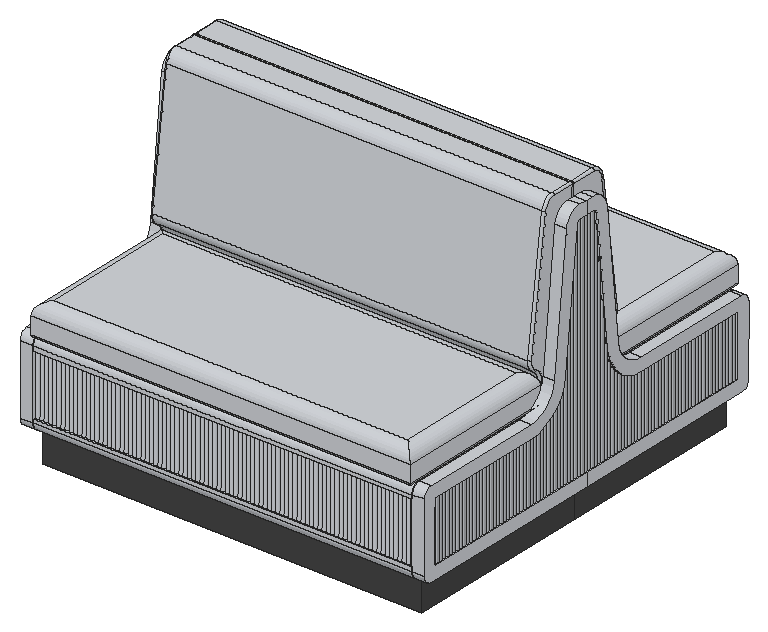
Revit family "Trenton Booth", category Furniture, Revit 2021
Family settings
  OmniClass Number = 23.40.20.00
  OmniClass Title = General Furniture and Specialties
  Work Plane-Based = No
  Always vertical = Yes
  Cut with Voids When Loaded = No
  Shared = No
  Room Calculation Point = No
Parameters (values of type "Trenton Double Booth")
  Wood frame [instance] = none
  Width = 48"
  Type Comments = "TRNT"
  Single = no
  Seat upholstery [instance] = none
  Model = "Trenton"
  Manufacturer = "CFGroup, Falcon and Shelby Williams"
  Height = 36"
  Double = yes
  Description = "Wood tambour booth seating"
  Depth = 48 1/2"
  Default Elevation = 0"
  Back upholstery [instance] = none
Reference planes
  plane 1 "Center Front/Back": y = 0
  plane 2: z = 0
  plane 3 "Center Left/Right": x = 0
  plane 4: x = -609.6
  plane 5: x = 609.6
  plane 6: y = 615.95
  plane 7: y = -615.95
  plane 8: z = 914.4
  plane 9: y = 38.1
  plane 10: x = 571.5
  plane 11: x = -571.5
  plane 12: z = 101.6
  plane 13: z = 457.2
  plane 14: y = -571.5
  plane 15: z = 361.95
  plane 16: z = 876.3
Forms (mm)
  Extrusion 1, solid, material "Black"
    sketch origin (0, 0, 0) x (0, 1, 0) y (0, 0, 1)
      loop
        line (-571.5, 101.6) -> (-571.5, 0) -> (0, 0) -> (0, 101.6) -> (-571.5, 101.6)
    from -571.5 to 571.5
  Extrusion 2, solid, material <- "Wood frame", visible <- "Single"
    sketch origin (0, 0, 0) x (0, 1, 0) y (0, 0, 1)
      loop
        line (0, 876.3) -> (0, 838.2) -> (38.1, 838.2) -> (38.1, 850.9)
        arc (38.1, 850.9) -> (30.661, 868.861) -> (12.7, 876.3) r 25.4
        line (12.7, 876.3) -> (0, 876.3)
    from -571.5 to 571.5
  Extrusion 3, solid, material <- "Wood frame", visible <- "Single"
    sketch origin (0, 0, 0) x (0, 1, 0) y (0, 0, 1)
      loop
        line (0, 139.7) -> (0, 101.6) -> (12.7, 101.6)
        arc (12.7, 101.6) -> (30.661, 109.039) -> (38.1, 127) r 25.4
        line (38.1, 127) -> (38.1, 139.7) -> (0, 139.7)
    from -571.5 to 571.5
  Extrusion 4, solid, material <- "Wood frame"
    sketch origin (0, 0, 0) x (0, 1, 0) y (0, 0, 1)
      loop
        line (0, 323.863) -> (0, 361.95) -> (-584.2, 361.95)
        arc (-584.2, 361.95) -> (-602.161, 354.511) -> (-609.6, 336.55) r 25.4
        line (-609.6, 336.55) -> (-609.6, 323.863) -> (0, 323.863)
    from -571.5 to 571.5
  Extrusion 5, solid, material <- "Wood frame"
    sketch origin (0, 0, 0) x (0, 1, 0) y (0, 0, 1)
      loop
        line (-571.5, 139.7) -> (-609.6, 139.7) -> (-609.6, 127)
        arc (-609.6, 127) -> (-602.161, 109.039) -> (-584.2, 101.6) r 25.4
        line (-584.2, 101.6) -> (-571.5, 101.6) -> (-571.5, 139.7)
    from -571.5 to 571.5
  Extrusion 6, solid, material <- "Wood frame"
    sketch origin (0, 0, 0) x (1, 0, 0) y (0, 1, 0)
      loop
        line (571.5, -596.9) -> (558.8, -596.9)
        arc (558.8, -596.9) -> (565.15, -603.25) -> (571.5, -596.9) r 6.35
    from 139.7 to 323.863
  Extrusion 7, solid, material <- "Wood frame"
    sketch origin (-12.7, 0, 0) x (1, 0, 0) y (0, 1, 0)
      loop
        line (571.5, -596.9) -> (558.8, -596.9)
        arc (558.8, -596.9) -> (565.15, -603.25) -> (571.5, -596.9) r 6.35
    from 139.7 to 323.863
  Extrusion 8, solid, material <- "Wood frame"
    sketch origin (-25.4, 0, 0) x (1, 0, 0) y (0, 1, 0)
      loop
        line (571.5, -596.9) -> (558.8, -596.9)
        arc (558.8, -596.9) -> (565.15, -603.25) -> (571.5, -596.9) r 6.35
    from 139.7 to 323.863
  Extrusion 9, solid, material <- "Wood frame"
    sketch origin (-38.1, 0, 0) x (1, 0, 0) y (0, 1, 0)
      loop
        line (571.5, -596.9) -> (558.8, -596.9)
        arc (558.8, -596.9) -> (565.15, -603.25) -> (571.5, -596.9) r 6.35
    from 139.7 to 323.863
  Extrusion 10, solid, material <- "Wood frame"
    sketch origin (-50.8, 0, 0) x (1, 0, 0) y (0, 1, 0)
      loop
        line (571.5, -596.9) -> (558.8, -596.9)
        arc (558.8, -596.9) -> (565.15, -603.25) -> (571.5, -596.9) r 6.35
    from 139.7 to 323.863
  Extrusion 11, solid, material <- "Wood frame"
    sketch origin (-63.5, 0, 0) x (1, 0, 0) y (0, 1, 0)
      loop
        line (571.5, -596.9) -> (558.8, -596.9)
        arc (558.8, -596.9) -> (565.15, -603.25) -> (571.5, -596.9) r 6.35
    from 139.7 to 323.863
  Extrusion 12, solid, material <- "Wood frame"
    sketch origin (-76.2, 0, 0) x (1, 0, 0) y (0, 1, 0)
      loop
        line (571.5, -596.9) -> (558.8, -596.9)
        arc (558.8, -596.9) -> (565.15, -603.25) -> (571.5, -596.9) r 6.35
    from 139.7 to 323.863
  Extrusion 13, solid, material <- "Wood frame"
    sketch origin (-88.9, 0, 0) x (1, 0, 0) y (0, 1, 0)
      loop
        line (571.5, -596.9) -> (558.8, -596.9)
        arc (558.8, -596.9) -> (565.15, -603.25) -> (571.5, -596.9) r 6.35
    from 139.7 to 323.863
  Extrusion 14, solid, material <- "Wood frame"
    sketch origin (-101.6, 0, 0) x (1, 0, 0) y (0, 1, 0)
      loop
        line (571.5, -596.9) -> (558.8, -596.9)
        arc (558.8, -596.9) -> (565.15, -603.25) -> (571.5, -596.9) r 6.35
    from 139.7 to 323.863
  Extrusion 15, solid, material <- "Wood frame"
    sketch origin (-114.3, 0, 0) x (1, 0, 0) y (0, 1, 0)
      loop
        line (571.5, -596.9) -> (558.8, -596.9)
        arc (558.8, -596.9) -> (565.15, -603.25) -> (571.5, -596.9) r 6.35
    from 139.7 to 323.863
  Extrusion 16, solid, material <- "Wood frame"
    sketch origin (-127, 0, 0) x (1, 0, 0) y (0, 1, 0)
      loop
        line (571.5, -596.9) -> (558.8, -596.9)
        arc (558.8, -596.9) -> (565.15, -603.25) -> (571.5, -596.9) r 6.35
    from 139.7 to 323.863
  Extrusion 17, solid, material <- "Wood frame"
    sketch origin (-139.7, 0, 0) x (1, 0, 0) y (0, 1, 0)
      loop
        line (571.5, -596.9) -> (558.8, -596.9)
        arc (558.8, -596.9) -> (565.15, -603.25) -> (571.5, -596.9) r 6.35
    from 139.7 to 323.863
  Extrusion 18, solid, material <- "Wood frame"
    sketch origin (-152.4, 0, 0) x (1, 0, 0) y (0, 1, 0)
      loop
        line (571.5, -596.9) -> (558.8, -596.9)
        arc (558.8, -596.9) -> (565.15, -603.25) -> (571.5, -596.9) r 6.35
    from 139.7 to 323.863
  Extrusion 19, solid, material <- "Wood frame"
    sketch origin (-165.1, 0, 0) x (1, 0, 0) y (0, 1, 0)
      loop
        line (571.5, -596.9) -> (558.8, -596.9)
        arc (558.8, -596.9) -> (565.15, -603.25) -> (571.5, -596.9) r 6.35
    from 139.7 to 323.863
  Extrusion 20, solid, material <- "Wood frame"
    sketch origin (-177.8, 0, 0) x (1, 0, 0) y (0, 1, 0)
      loop
        line (571.5, -596.9) -> (558.8, -596.9)
        arc (558.8, -596.9) -> (565.15, -603.25) -> (571.5, -596.9) r 6.35
    from 139.7 to 323.863
  Extrusion 21, solid, material <- "Wood frame"
    sketch origin (-190.5, 0, 0) x (1, 0, 0) y (0, 1, 0)
      loop
        line (571.5, -596.9) -> (558.8, -596.9)
        arc (558.8, -596.9) -> (565.15, -603.25) -> (571.5, -596.9) r 6.35
    from 139.7 to 323.863
  Extrusion 22, solid, material <- "Wood frame"
    sketch origin (-203.2, 0, 0) x (1, 0, 0) y (0, 1, 0)
      loop
        line (571.5, -596.9) -> (558.8, -596.9)
        arc (558.8, -596.9) -> (565.15, -603.25) -> (571.5, -596.9) r 6.35
    from 139.7 to 323.863
  Extrusion 23, solid, material <- "Wood frame"
    sketch origin (-215.9, 0, 0) x (1, 0, 0) y (0, 1, 0)
      loop
        line (571.5, -596.9) -> (558.8, -596.9)
        arc (558.8, -596.9) -> (565.15, -603.25) -> (571.5, -596.9) r 6.35
    from 139.7 to 323.863
  Extrusion 24, solid, material <- "Wood frame"
    sketch origin (-228.6, 0, 0) x (1, 0, 0) y (0, 1, 0)
      loop
        line (571.5, -596.9) -> (558.8, -596.9)
        arc (558.8, -596.9) -> (565.15, -603.25) -> (571.5, -596.9) r 6.35
    from 139.7 to 323.863
  Extrusion 25, solid, material <- "Wood frame"
    sketch origin (-241.3, 0, 0) x (1, 0, 0) y (0, 1, 0)
      loop
        line (571.5, -596.9) -> (558.8, -596.9)
        arc (558.8, -596.9) -> (565.15, -603.25) -> (571.5, -596.9) r 6.35
    from 139.7 to 323.863
  Extrusion 26, solid, material <- "Wood frame"
    sketch origin (-254, 0, 0) x (1, 0, 0) y (0, 1, 0)
      loop
        line (571.5, -596.9) -> (558.8, -596.9)
        arc (558.8, -596.9) -> (565.15, -603.25) -> (571.5, -596.9) r 6.35
    from 139.7 to 323.863
  Extrusion 27, solid, material <- "Wood frame"
    sketch origin (-266.7, 0, 0) x (1, 0, 0) y (0, 1, 0)
      loop
        line (571.5, -596.9) -> (558.8, -596.9)
        arc (558.8, -596.9) -> (565.15, -603.25) -> (571.5, -596.9) r 6.35
    from 139.7 to 323.863
  Extrusion 28, solid, material <- "Wood frame"
    sketch origin (-279.4, 0, 0) x (1, 0, 0) y (0, 1, 0)
      loop
        line (571.5, -596.9) -> (558.8, -596.9)
        arc (558.8, -596.9) -> (565.15, -603.25) -> (571.5, -596.9) r 6.35
    from 139.7 to 323.863
  Extrusion 29, solid, material <- "Wood frame"
    sketch origin (-292.1, 0, 0) x (1, 0, 0) y (0, 1, 0)
      loop
        line (571.5, -596.9) -> (558.8, -596.9)
        arc (558.8, -596.9) -> (565.15, -603.25) -> (571.5, -596.9) r 6.35
    from 139.7 to 323.863
  Extrusion 30, solid, material <- "Wood frame"
    sketch origin (-304.8, 0, 0) x (1, 0, 0) y (0, 1, 0)
      loop
        line (571.5, -596.9) -> (558.8, -596.9)
        arc (558.8, -596.9) -> (565.15, -603.25) -> (571.5, -596.9) r 6.35
    from 139.7 to 323.863
  Extrusion 31, solid, material <- "Wood frame"
    sketch origin (-317.5, 0, 0) x (1, 0, 0) y (0, 1, 0)
      loop
        line (571.5, -596.9) -> (558.8, -596.9)
        arc (558.8, -596.9) -> (565.15, -603.25) -> (571.5, -596.9) r 6.35
    from 139.7 to 323.863
  Extrusion 32, solid, material <- "Wood frame"
    sketch origin (-330.2, 0, 0) x (1, 0, 0) y (0, 1, 0)
      loop
        line (571.5, -596.9) -> (558.8, -596.9)
        arc (558.8, -596.9) -> (565.15, -603.25) -> (571.5, -596.9) r 6.35
    from 139.7 to 323.863
  Extrusion 33, solid, material <- "Wood frame"
    sketch origin (-342.9, 0, 0) x (1, 0, 0) y (0, 1, 0)
      loop
        line (571.5, -596.9) -> (558.8, -596.9)
        arc (558.8, -596.9) -> (565.15, -603.25) -> (571.5, -596.9) r 6.35
    from 139.7 to 323.863
  Extrusion 34, solid, material <- "Wood frame"
    sketch origin (-355.6, 0, 0) x (1, 0, 0) y (0, 1, 0)
      loop
        line (571.5, -596.9) -> (558.8, -596.9)
        arc (558.8, -596.9) -> (565.15, -603.25) -> (571.5, -596.9) r 6.35
    from 139.7 to 323.863
  Extrusion 35, solid, material <- "Wood frame"
    sketch origin (-368.3, 0, 0) x (1, 0, 0) y (0, 1, 0)
      loop
        line (571.5, -596.9) -> (558.8, -596.9)
        arc (558.8, -596.9) -> (565.15, -603.25) -> (571.5, -596.9) r 6.35
    from 139.7 to 323.863
  Extrusion 36, solid, material <- "Wood frame"
    sketch origin (-381, 0, 0) x (1, 0, 0) y (0, 1, 0)
      loop
        line (571.5, -596.9) -> (558.8, -596.9)
        arc (558.8, -596.9) -> (565.15, -603.25) -> (571.5, -596.9) r 6.35
    from 139.7 to 323.863
  Extrusion 37, solid, material <- "Wood frame"
    sketch origin (-393.7, 0, 0) x (1, 0, 0) y (0, 1, 0)
      loop
        line (571.5, -596.9) -> (558.8, -596.9)
        arc (558.8, -596.9) -> (565.15, -603.25) -> (571.5, -596.9) r 6.35
    from 139.7 to 323.863
  Extrusion 38, solid, material <- "Wood frame"
    sketch origin (-406.4, 0, 0) x (1, 0, 0) y (0, 1, 0)
      loop
        line (571.5, -596.9) -> (558.8, -596.9)
        arc (558.8, -596.9) -> (565.15, -603.25) -> (571.5, -596.9) r 6.35
    from 139.7 to 323.863
  Extrusion 39, solid, material <- "Wood frame"
    sketch origin (-419.1, 0, 0) x (1, 0, 0) y (0, 1, 0)
      loop
        line (571.5, -596.9) -> (558.8, -596.9)
        arc (558.8, -596.9) -> (565.15, -603.25) -> (571.5, -596.9) r 6.35
    from 139.7 to 323.863
  Extrusion 40, solid, material <- "Wood frame"
    sketch origin (-431.8, 0, 0) x (1, 0, 0) y (0, 1, 0)
      loop
        line (571.5, -596.9) -> (558.8, -596.9)
        arc (558.8, -596.9) -> (565.15, -603.25) -> (571.5, -596.9) r 6.35
    from 139.7 to 323.863
  Extrusion 41, solid, material <- "Wood frame"
    sketch origin (-444.5, 0, 0) x (1, 0, 0) y (0, 1, 0)
      loop
        line (571.5, -596.9) -> (558.8, -596.9)
        arc (558.8, -596.9) -> (565.15, -603.25) -> (571.5, -596.9) r 6.35
    from 139.7 to 323.863
  Extrusion 42, solid, material <- "Wood frame"
    sketch origin (-457.2, 0, 0) x (1, 0, 0) y (0, 1, 0)
      loop
        line (571.5, -596.9) -> (558.8, -596.9)
        arc (558.8, -596.9) -> (565.15, -603.25) -> (571.5, -596.9) r 6.35
    from 139.7 to 323.863
  Extrusion 43, solid, material <- "Wood frame"
    sketch origin (-469.9, 0, 0) x (1, 0, 0) y (0, 1, 0)
      loop
        line (571.5, -596.9) -> (558.8, -596.9)
        arc (558.8, -596.9) -> (565.15, -603.25) -> (571.5, -596.9) r 6.35
    from 139.7 to 323.863
  Extrusion 44, solid, material <- "Wood frame"
    sketch origin (-482.6, 0, 0) x (1, 0, 0) y (0, 1, 0)
      loop
        line (571.5, -596.9) -> (558.8, -596.9)
        arc (558.8, -596.9) -> (565.15, -603.25) -> (571.5, -596.9) r 6.35
    from 139.7 to 323.863
  Extrusion 45, solid, material <- "Wood frame"
    sketch origin (-495.3, 0, 0) x (1, 0, 0) y (0, 1, 0)
      loop
        line (571.5, -596.9) -> (558.8, -596.9)
        arc (558.8, -596.9) -> (565.15, -603.25) -> (571.5, -596.9) r 6.35
    from 139.7 to 323.863
  Extrusion 46, solid, material <- "Wood frame"
    sketch origin (-508, 0, 0) x (1, 0, 0) y (0, 1, 0)
      loop
        line (571.5, -596.9) -> (558.8, -596.9)
        arc (558.8, -596.9) -> (565.15, -603.25) -> (571.5, -596.9) r 6.35
    from 139.7 to 323.863
  Extrusion 47, solid, material <- "Wood frame"
    sketch origin (-520.7, 0, 0) x (1, 0, 0) y (0, 1, 0)
      loop
        line (571.5, -596.9) -> (558.8, -596.9)
        arc (558.8, -596.9) -> (565.15, -603.25) -> (571.5, -596.9) r 6.35
    from 139.7 to 323.863
  Extrusion 48, solid, material <- "Wood frame"
    sketch origin (-533.4, 0, 0) x (1, 0, 0) y (0, 1, 0)
      loop
        line (571.5, -596.9) -> (558.8, -596.9)
        arc (558.8, -596.9) -> (565.15, -603.25) -> (571.5, -596.9) r 6.35
    from 139.7 to 323.863
  Extrusion 49, solid, material <- "Wood frame"
    sketch origin (-546.1, 0, 0) x (1, 0, 0) y (0, 1, 0)
      loop
        line (571.5, -596.9) -> (558.8, -596.9)
        arc (558.8, -596.9) -> (565.15, -603.25) -> (571.5, -596.9) r 6.35
    from 139.7 to 323.863
  Extrusion 50, solid, material <- "Wood frame"
    sketch origin (-558.8, 0, 0) x (1, 0, 0) y (0, 1, 0)
      loop
        line (571.5, -596.9) -> (558.8, -596.9)
        arc (558.8, -596.9) -> (565.15, -603.25) -> (571.5, -596.9) r 6.35
    from 139.7 to 323.863
  Extrusion 51, solid, material <- "Wood frame"
    sketch origin (-571.5, 0, 0) x (1, 0, 0) y (0, 1, 0)
      loop
        line (571.5, -596.9) -> (558.8, -596.9)
        arc (558.8, -596.9) -> (565.15, -603.25) -> (571.5, -596.9) r 6.35
    from 139.7 to 323.863
  Extrusion 52, solid, material <- "Wood frame"
    sketch origin (-584.2, 0, 0) x (1, 0, 0) y (0, 1, 0)
      loop
        line (571.5, -596.9) -> (558.8, -596.9)
        arc (558.8, -596.9) -> (565.15, -603.25) -> (571.5, -596.9) r 6.35
    from 139.7 to 323.863
  Extrusion 53, solid, material <- "Wood frame"
    sketch origin (-596.9, 0, 0) x (1, 0, 0) y (0, 1, 0)
      loop
        line (571.5, -596.9) -> (558.8, -596.9)
        arc (558.8, -596.9) -> (565.15, -603.25) -> (571.5, -596.9) r 6.35
    from 139.7 to 323.863
  Extrusion 54, solid, material <- "Wood frame"
    sketch origin (-609.6, 0, 0) x (1, 0, 0) y (0, 1, 0)
      loop
        line (571.5, -596.9) -> (558.8, -596.9)
        arc (558.8, -596.9) -> (565.15, -603.25) -> (571.5, -596.9) r 6.35
    from 139.7 to 323.863
  Extrusion 55, solid, material <- "Wood frame"
    sketch origin (-622.3, 0, 0) x (1, 0, 0) y (0, 1, 0)
      loop
        line (571.5, -596.9) -> (558.8, -596.9)
        arc (558.8, -596.9) -> (565.15, -603.25) -> (571.5, -596.9) r 6.35
    from 139.7 to 323.863
  Extrusion 56, solid, material <- "Wood frame"
    sketch origin (-635, 0, 0) x (1, 0, 0) y (0, 1, 0)
      loop
        line (571.5, -596.9) -> (558.8, -596.9)
        arc (558.8, -596.9) -> (565.15, -603.25) -> (571.5, -596.9) r 6.35
    from 139.7 to 323.863
  Extrusion 57, solid, material <- "Wood frame"
    sketch origin (-647.7, 0, 0) x (1, 0, 0) y (0, 1, 0)
      loop
        line (571.5, -596.9) -> (558.8, -596.9)
        arc (558.8, -596.9) -> (565.15, -603.25) -> (571.5, -596.9) r 6.35
    from 139.7 to 323.863
  Extrusion 58, solid, material <- "Wood frame"
    sketch origin (-660.4, 0, 0) x (1, 0, 0) y (0, 1, 0)
      loop
        line (571.5, -596.9) -> (558.8, -596.9)
        arc (558.8, -596.9) -> (565.15, -603.25) -> (571.5, -596.9) r 6.35
    from 139.7 to 323.863
  Extrusion 59, solid, material <- "Wood frame"
    sketch origin (-673.1, 0, 0) x (1, 0, 0) y (0, 1, 0)
      loop
        line (571.5, -596.9) -> (558.8, -596.9)
        arc (558.8, -596.9) -> (565.15, -603.25) -> (571.5, -596.9) r 6.35
    from 139.7 to 323.863
  Extrusion 60, solid, material <- "Wood frame"
    sketch origin (-685.8, 0, 0) x (1, 0, 0) y (0, 1, 0)
      loop
        line (571.5, -596.9) -> (558.8, -596.9)
        arc (558.8, -596.9) -> (565.15, -603.25) -> (571.5, -596.9) r 6.35
    from 139.7 to 323.863
  Extrusion 61, solid, material <- "Wood frame"
    sketch origin (-698.5, 0, 0) x (1, 0, 0) y (0, 1, 0)
      loop
        line (571.5, -596.9) -> (558.8, -596.9)
        arc (558.8, -596.9) -> (565.15, -603.25) -> (571.5, -596.9) r 6.35
    from 139.7 to 323.863
  Extrusion 62, solid, material <- "Wood frame"
    sketch origin (-711.2, 0, 0) x (1, 0, 0) y (0, 1, 0)
      loop
        line (571.5, -596.9) -> (558.8, -596.9)
        arc (558.8, -596.9) -> (565.15, -603.25) -> (571.5, -596.9) r 6.35
    from 139.7 to 323.863
  Extrusion 63, solid, material <- "Wood frame"
    sketch origin (-723.9, 0, 0) x (1, 0, 0) y (0, 1, 0)
      loop
        line (571.5, -596.9) -> (558.8, -596.9)
        arc (558.8, -596.9) -> (565.15, -603.25) -> (571.5, -596.9) r 6.35
    from 139.7 to 323.863
  Extrusion 64, solid, material <- "Wood frame"
    sketch origin (-736.6, 0, 0) x (1, 0, 0) y (0, 1, 0)
      loop
        line (571.5, -596.9) -> (558.8, -596.9)
        arc (558.8, -596.9) -> (565.15, -603.25) -> (571.5, -596.9) r 6.35
    from 139.7 to 323.863
  Extrusion 65, solid, material <- "Wood frame"
    sketch origin (-749.3, 0, 0) x (1, 0, 0) y (0, 1, 0)
      loop
        line (571.5, -596.9) -> (558.8, -596.9)
        arc (558.8, -596.9) -> (565.15, -603.25) -> (571.5, -596.9) r 6.35
    from 139.7 to 323.863
  Extrusion 66, solid, material <- "Wood frame"
    sketch origin (-762, 0, 0) x (1, 0, 0) y (0, 1, 0)
      loop
        line (571.5, -596.9) -> (558.8, -596.9)
        arc (558.8, -596.9) -> (565.15, -603.25) -> (571.5, -596.9) r 6.35
    from 139.7 to 323.863
  Extrusion 67, solid, material <- "Wood frame"
    sketch origin (-774.7, 0, 0) x (1, 0, 0) y (0, 1, 0)
      loop
        line (571.5, -596.9) -> (558.8, -596.9)
        arc (558.8, -596.9) -> (565.15, -603.25) -> (571.5, -596.9) r 6.35
    from 139.7 to 323.863
  Extrusion 68, solid, material <- "Wood frame"
    sketch origin (-787.4, 0, 0) x (1, 0, 0) y (0, 1, 0)
      loop
        line (571.5, -596.9) -> (558.8, -596.9)
        arc (558.8, -596.9) -> (565.15, -603.25) -> (571.5, -596.9) r 6.35
    from 139.7 to 323.863
  Extrusion 69, solid, material <- "Wood frame"
    sketch origin (-800.1, 0, 0) x (1, 0, 0) y (0, 1, 0)
      loop
        line (571.5, -596.9) -> (558.8, -596.9)
        arc (558.8, -596.9) -> (565.15, -603.25) -> (571.5, -596.9) r 6.35
    from 139.7 to 323.863
  Extrusion 70, solid, material <- "Wood frame"
    sketch origin (-812.8, 0, 0) x (1, 0, 0) y (0, 1, 0)
      loop
        line (571.5, -596.9) -> (558.8, -596.9)
        arc (558.8, -596.9) -> (565.15, -603.25) -> (571.5, -596.9) r 6.35
    from 139.7 to 323.863
  Extrusion 71, solid, material <- "Wood frame"
    sketch origin (-825.5, 0, 0) x (1, 0, 0) y (0, 1, 0)
      loop
        line (571.5, -596.9) -> (558.8, -596.9)
        arc (558.8, -596.9) -> (565.15, -603.25) -> (571.5, -596.9) r 6.35
    from 139.7 to 323.863
  Extrusion 72, solid, material <- "Wood frame"
    sketch origin (-838.2, 0, 0) x (1, 0, 0) y (0, 1, 0)
      loop
        line (571.5, -596.9) -> (558.8, -596.9)
        arc (558.8, -596.9) -> (565.15, -603.25) -> (571.5, -596.9) r 6.35
    from 139.7 to 323.863
  Extrusion 73, solid, material <- "Wood frame"
    sketch origin (-850.9, 0, 0) x (1, 0, 0) y (0, 1, 0)
      loop
        line (571.5, -596.9) -> (558.8, -596.9)
        arc (558.8, -596.9) -> (565.15, -603.25) -> (571.5, -596.9) r 6.35
    from 139.7 to 323.863
  Extrusion 74, solid, material <- "Wood frame"
    sketch origin (-863.6, 0, 0) x (1, 0, 0) y (0, 1, 0)
      loop
        line (571.5, -596.9) -> (558.8, -596.9)
        arc (558.8, -596.9) -> (565.15, -603.25) -> (571.5, -596.9) r 6.35
    from 139.7 to 323.863
  Extrusion 75, solid, material <- "Wood frame"
    sketch origin (-876.3, 0, 0) x (1, 0, 0) y (0, 1, 0)
      loop
        line (571.5, -596.9) -> (558.8, -596.9)
        arc (558.8, -596.9) -> (565.15, -603.25) -> (571.5, -596.9) r 6.35
    from 139.7 to 323.863
  Extrusion 76, solid, material <- "Wood frame"
    sketch origin (-889, 0, 0) x (1, 0, 0) y (0, 1, 0)
      loop
        line (571.5, -596.9) -> (558.8, -596.9)
        arc (558.8, -596.9) -> (565.15, -603.25) -> (571.5, -596.9) r 6.35
    from 139.7 to 323.863
  Extrusion 77, solid, material <- "Wood frame"
    sketch origin (-901.7, 0, 0) x (1, 0, 0) y (0, 1, 0)
      loop
        line (571.5, -596.9) -> (558.8, -596.9)
        arc (558.8, -596.9) -> (565.15, -603.25) -> (571.5, -596.9) r 6.35
    from 139.7 to 323.863
  Extrusion 78, solid, material <- "Wood frame"
    sketch origin (-914.4, 0, 0) x (1, 0, 0) y (0, 1, 0)
      loop
        line (571.5, -596.9) -> (558.8, -596.9)
        arc (558.8, -596.9) -> (565.15, -603.25) -> (571.5, -596.9) r 6.35
    from 139.7 to 323.863
  Extrusion 79, solid, material <- "Wood frame"
    sketch origin (-927.1, 0, 0) x (1, 0, 0) y (0, 1, 0)
      loop
        line (571.5, -596.9) -> (558.8, -596.9)
        arc (558.8, -596.9) -> (565.15, -603.25) -> (571.5, -596.9) r 6.35
    from 139.7 to 323.863
  Extrusion 80, solid, material <- "Wood frame"
    sketch origin (-939.8, 0, 0) x (1, 0, 0) y (0, 1, 0)
      loop
        line (571.5, -596.9) -> (558.8, -596.9)
        arc (558.8, -596.9) -> (565.15, -603.25) -> (571.5, -596.9) r 6.35
    from 139.7 to 323.863
  Extrusion 81, solid, material <- "Wood frame"
    sketch origin (-952.5, 0, 0) x (1, 0, 0) y (0, 1, 0)
      loop
        line (571.5, -596.9) -> (558.8, -596.9)
        arc (558.8, -596.9) -> (565.15, -603.25) -> (571.5, -596.9) r 6.35
    from 139.7 to 323.863
  Extrusion 82, solid, material <- "Wood frame"
    sketch origin (-965.2, 0, 0) x (1, 0, 0) y (0, 1, 0)
      loop
        line (571.5, -596.9) -> (558.8, -596.9)
        arc (558.8, -596.9) -> (565.15, -603.25) -> (571.5, -596.9) r 6.35
    from 139.7 to 323.863
  Extrusion 83, solid, material <- "Wood frame"
    sketch origin (-977.9, 0, 0) x (1, 0, 0) y (0, 1, 0)
      loop
        line (571.5, -596.9) -> (558.8, -596.9)
        arc (558.8, -596.9) -> (565.15, -603.25) -> (571.5, -596.9) r 6.35
    from 139.7 to 323.863
  Extrusion 84, solid, material <- "Wood frame"
    sketch origin (-990.6, 0, 0) x (1, 0, 0) y (0, 1, 0)
      loop
        line (571.5, -596.9) -> (558.8, -596.9)
        arc (558.8, -596.9) -> (565.15, -603.25) -> (571.5, -596.9) r 6.35
    from 139.7 to 323.863
  Extrusion 85, solid, material <- "Wood frame"
    sketch origin (-1003.3, 0, 0) x (1, 0, 0) y (0, 1, 0)
      loop
        line (571.5, -596.9) -> (558.8, -596.9)
        arc (558.8, -596.9) -> (565.15, -603.25) -> (571.5, -596.9) r 6.35
    from 139.7 to 323.863
  Extrusion 86, solid, material <- "Wood frame"
    sketch origin (-1016, 0, 0) x (1, 0, 0) y (0, 1, 0)
      loop
        line (571.5, -596.9) -> (558.8, -596.9)
        arc (558.8, -596.9) -> (565.15, -603.25) -> (571.5, -596.9) r 6.35
    from 139.7 to 323.863
  Extrusion 87, solid, material <- "Wood frame"
    sketch origin (-1028.7, 0, 0) x (1, 0, 0) y (0, 1, 0)
      loop
        line (571.5, -596.9) -> (558.8, -596.9)
        arc (558.8, -596.9) -> (565.15, -603.25) -> (571.5, -596.9) r 6.35
    from 139.7 to 323.863
  Extrusion 88, solid, material <- "Wood frame"
    sketch origin (-1041.4, 0, 0) x (1, 0, 0) y (0, 1, 0)
      loop
        line (571.5, -596.9) -> (558.8, -596.9)
        arc (558.8, -596.9) -> (565.15, -603.25) -> (571.5, -596.9) r 6.35
    from 139.7 to 323.863
  Extrusion 89, solid, material <- "Wood frame"
    sketch origin (-1054.1, 0, 0) x (1, 0, 0) y (0, 1, 0)
      loop
        line (571.5, -596.9) -> (558.8, -596.9)
        arc (558.8, -596.9) -> (565.15, -603.25) -> (571.5, -596.9) r 6.35
    from 139.7 to 323.863
  Extrusion 90, solid, material <- "Wood frame"
    sketch origin (-1066.8, 0, 0) x (1, 0, 0) y (0, 1, 0)
      loop
        line (571.5, -596.9) -> (558.8, -596.9)
        arc (558.8, -596.9) -> (565.15, -603.25) -> (571.5, -596.9) r 6.35
    from 139.7 to 323.863
  Extrusion 91, solid, material <- "Wood frame"
    sketch origin (-1079.5, 0, 0) x (1, 0, 0) y (0, 1, 0)
      loop
        line (571.5, -596.9) -> (558.8, -596.9)
        arc (558.8, -596.9) -> (565.15, -603.25) -> (571.5, -596.9) r 6.35
    from 139.7 to 323.863
  Extrusion 92, solid, material <- "Wood frame"
    sketch origin (-1092.2, 0, 0) x (1, 0, 0) y (0, 1, 0)
      loop
        line (571.5, -596.9) -> (558.8, -596.9)
        arc (558.8, -596.9) -> (565.15, -603.25) -> (571.5, -596.9) r 6.35
    from 139.7 to 323.863
  Extrusion 93, solid, material <- "Wood frame"
    sketch origin (-1104.9, 0, 0) x (1, 0, 0) y (0, 1, 0)
      loop
        line (571.5, -596.9) -> (558.8, -596.9)
        arc (558.8, -596.9) -> (565.15, -603.25) -> (571.5, -596.9) r 6.35
    from 139.7 to 323.863
  Extrusion 94, solid, material <- "Wood frame"
    sketch origin (-1117.6, 0, 0) x (1, 0, 0) y (0, 1, 0)
      loop
        line (571.5, -596.9) -> (558.8, -596.9)
        arc (558.8, -596.9) -> (565.15, -603.25) -> (571.5, -596.9) r 6.35
    from 139.7 to 323.863
  Extrusion 95, solid, material <- "Wood frame"
    sketch origin (-1130.3, 0, 0) x (1, 0, 0) y (0, 1, 0)
      loop
        line (571.5, -596.9) -> (558.8, -596.9)
        arc (558.8, -596.9) -> (565.15, -603.25) -> (571.5, -596.9) r 6.35
    from 139.7 to 323.863
  Extrusion 96, solid, material <- "Wood frame", visible <- "Single"
    sketch origin (0, -571.5, 0) x (1, 0, 0) y (0, 1, 0)
      loop
        arc (571.5, 596.9) -> (565.15, 603.25) -> (558.8, 596.9) r 6.35
        line (558.8, 596.9) -> (571.5, 596.9)
    from 139.7 to 838.2
  Extrusion 97, solid, material <- "Wood frame", visible <- "Single"
    sketch origin (-12.7, -571.5, 0) x (1, 0, 0) y (0, 1, 0)
      loop
        arc (571.5, 596.9) -> (565.15, 603.25) -> (558.8, 596.9) r 6.35
        line (558.8, 596.9) -> (571.5, 596.9)
    from 139.7 to 838.2
  Extrusion 98, solid, material <- "Wood frame", visible <- "Single"
    sketch origin (-25.4, -571.5, 0) x (1, 0, 0) y (0, 1, 0)
      loop
        arc (571.5, 596.9) -> (565.15, 603.25) -> (558.8, 596.9) r 6.35
        line (558.8, 596.9) -> (571.5, 596.9)
    from 139.7 to 838.2
  Extrusion 99, solid, material <- "Wood frame", visible <- "Single"
    sketch origin (-38.1, -571.5, 0) x (1, 0, 0) y (0, 1, 0)
      loop
        arc (571.5, 596.9) -> (565.15, 603.25) -> (558.8, 596.9) r 6.35
        line (558.8, 596.9) -> (571.5, 596.9)
    from 139.7 to 838.2
  Extrusion 100, solid, material <- "Wood frame", visible <- "Single"
    sketch origin (-50.8, -571.5, 0) x (1, 0, 0) y (0, 1, 0)
      loop
        arc (571.5, 596.9) -> (565.15, 603.25) -> (558.8, 596.9) r 6.35
        line (558.8, 596.9) -> (571.5, 596.9)
    from 139.7 to 838.2
  Extrusion 101, solid, material <- "Wood frame", visible <- "Single"
    sketch origin (-63.5, -571.5, 0) x (1, 0, 0) y (0, 1, 0)
      loop
        arc (571.5, 596.9) -> (565.15, 603.25) -> (558.8, 596.9) r 6.35
        line (558.8, 596.9) -> (571.5, 596.9)
    from 139.7 to 838.2
  Extrusion 102, solid, material <- "Wood frame", visible <- "Single"
    sketch origin (-76.2, -571.5, 0) x (1, 0, 0) y (0, 1, 0)
      loop
        arc (571.5, 596.9) -> (565.15, 603.25) -> (558.8, 596.9) r 6.35
        line (558.8, 596.9) -> (571.5, 596.9)
    from 139.7 to 838.2
  Extrusion 103, solid, material <- "Wood frame", visible <- "Single"
    sketch origin (-88.9, -571.5, 0) x (1, 0, 0) y (0, 1, 0)
      loop
        arc (571.5, 596.9) -> (565.15, 603.25) -> (558.8, 596.9) r 6.35
        line (558.8, 596.9) -> (571.5, 596.9)
    from 139.7 to 838.2
  Extrusion 104, solid, material <- "Wood frame", visible <- "Single"
    sketch origin (-101.6, -571.5, 0) x (1, 0, 0) y (0, 1, 0)
      loop
        arc (571.5, 596.9) -> (565.15, 603.25) -> (558.8, 596.9) r 6.35
        line (558.8, 596.9) -> (571.5, 596.9)
    from 139.7 to 838.2
  Extrusion 105, solid, material <- "Wood frame", visible <- "Single"
    sketch origin (-114.3, -571.5, 0) x (1, 0, 0) y (0, 1, 0)
      loop
        arc (571.5, 596.9) -> (565.15, 603.25) -> (558.8, 596.9) r 6.35
        line (558.8, 596.9) -> (571.5, 596.9)
    from 139.7 to 838.2
  Extrusion 106, solid, material <- "Wood frame", visible <- "Single"
    sketch origin (-127, -571.5, 0) x (1, 0, 0) y (0, 1, 0)
      loop
        arc (571.5, 596.9) -> (565.15, 603.25) -> (558.8, 596.9) r 6.35
        line (558.8, 596.9) -> (571.5, 596.9)
    from 139.7 to 838.2
  Extrusion 107, solid, material <- "Wood frame", visible <- "Single"
    sketch origin (-139.7, -571.5, 0) x (1, 0, 0) y (0, 1, 0)
      loop
        arc (571.5, 596.9) -> (565.15, 603.25) -> (558.8, 596.9) r 6.35
        line (558.8, 596.9) -> (571.5, 596.9)
    from 139.7 to 838.2
  Extrusion 108, solid, material <- "Wood frame", visible <- "Single"
    sketch origin (-152.4, -571.5, 0) x (1, 0, 0) y (0, 1, 0)
      loop
        arc (571.5, 596.9) -> (565.15, 603.25) -> (558.8, 596.9) r 6.35
        line (558.8, 596.9) -> (571.5, 596.9)
    from 139.7 to 838.2
  Extrusion 109, solid, material <- "Wood frame", visible <- "Single"
    sketch origin (-165.1, -571.5, 0) x (1, 0, 0) y (0, 1, 0)
      loop
        arc (571.5, 596.9) -> (565.15, 603.25) -> (558.8, 596.9) r 6.35
        line (558.8, 596.9) -> (571.5, 596.9)
    from 139.7 to 838.2
  Extrusion 110, solid, material <- "Wood frame", visible <- "Single"
    sketch origin (-177.8, -571.5, 0) x (1, 0, 0) y (0, 1, 0)
      loop
        arc (571.5, 596.9) -> (565.15, 603.25) -> (558.8, 596.9) r 6.35
        line (558.8, 596.9) -> (571.5, 596.9)
    from 139.7 to 838.2
  Extrusion 111, solid, material <- "Wood frame", visible <- "Single"
    sketch origin (-190.5, -571.5, 0) x (1, 0, 0) y (0, 1, 0)
      loop
        arc (571.5, 596.9) -> (565.15, 603.25) -> (558.8, 596.9) r 6.35
        line (558.8, 596.9) -> (571.5, 596.9)
    from 139.7 to 838.2
  Extrusion 112, solid, material <- "Wood frame", visible <- "Single"
    sketch origin (-203.2, -571.5, 0) x (1, 0, 0) y (0, 1, 0)
      loop
        arc (571.5, 596.9) -> (565.15, 603.25) -> (558.8, 596.9) r 6.35
        line (558.8, 596.9) -> (571.5, 596.9)
    from 139.7 to 838.2
  Extrusion 113, solid, material <- "Wood frame", visible <- "Single"
    sketch origin (-215.9, -571.5, 0) x (1, 0, 0) y (0, 1, 0)
      loop
        arc (571.5, 596.9) -> (565.15, 603.25) -> (558.8, 596.9) r 6.35
        line (558.8, 596.9) -> (571.5, 596.9)
    from 139.7 to 838.2
  Extrusion 114, solid, material <- "Wood frame", visible <- "Single"
    sketch origin (-228.6, -571.5, 0) x (1, 0, 0) y (0, 1, 0)
      loop
        arc (571.5, 596.9) -> (565.15, 603.25) -> (558.8, 596.9) r 6.35
        line (558.8, 596.9) -> (571.5, 596.9)
    from 139.7 to 838.2
  Extrusion 115, solid, material <- "Back upholstery", visible <- "Double"
    sketch origin (-241.3, -571.5, 0) x (1, 0, 0) y (0, 1, 0)
      loop
        arc (571.5, 596.9) -> (565.15, 603.25) -> (558.8, 596.9) r 6.35
        line (558.8, 596.9) -> (571.5, 596.9)
    from 139.7 to 838.2
  Extrusion 116, solid, material <- "Wood frame", visible <- "Single"
    sketch origin (-254, -571.5, 0) x (1, 0, 0) y (0, 1, 0)
      loop
        arc (571.5, 596.9) -> (565.15, 603.25) -> (558.8, 596.9) r 6.35
        line (558.8, 596.9) -> (571.5, 596.9)
    from 139.7 to 838.2
  Extrusion 117, solid, material <- "Wood frame", visible <- "Single"
    sketch origin (-266.7, -571.5, 0) x (1, 0, 0) y (0, 1, 0)
      loop
        arc (571.5, 596.9) -> (565.15, 603.25) -> (558.8, 596.9) r 6.35
        line (558.8, 596.9) -> (571.5, 596.9)
    from 139.7 to 838.2
  Extrusion 118, solid, material <- "Wood frame", visible <- "Single"
    sketch origin (-279.4, -571.5, 0) x (1, 0, 0) y (0, 1, 0)
      loop
        arc (571.5, 596.9) -> (565.15, 603.25) -> (558.8, 596.9) r 6.35
        line (558.8, 596.9) -> (571.5, 596.9)
    from 139.7 to 838.2
  Extrusion 119, solid, material <- "Wood frame", visible <- "Single"
    sketch origin (-292.1, -571.5, 0) x (1, 0, 0) y (0, 1, 0)
      loop
        arc (571.5, 596.9) -> (565.15, 603.25) -> (558.8, 596.9) r 6.35
        line (558.8, 596.9) -> (571.5, 596.9)
    from 139.7 to 838.2
  Extrusion 120, solid, material <- "Wood frame", visible <- "Single"
    sketch origin (-304.8, -571.5, 0) x (1, 0, 0) y (0, 1, 0)
      loop
        arc (571.5, 596.9) -> (565.15, 603.25) -> (558.8, 596.9) r 6.35
        line (558.8, 596.9) -> (571.5, 596.9)
    from 139.7 to 838.2
  Extrusion 121, solid, material <- "Wood frame", visible <- "Single"
    sketch origin (-317.5, -571.5, 0) x (1, 0, 0) y (0, 1, 0)
      loop
        arc (571.5, 596.9) -> (565.15, 603.25) -> (558.8, 596.9) r 6.35
        line (558.8, 596.9) -> (571.5, 596.9)
    from 139.7 to 838.2
  Extrusion 122, solid, material <- "Wood frame", visible <- "Single"
    sketch origin (-330.2, -571.5, 0) x (1, 0, 0) y (0, 1, 0)
      loop
        arc (571.5, 596.9) -> (565.15, 603.25) -> (558.8, 596.9) r 6.35
        line (558.8, 596.9) -> (571.5, 596.9)
    from 139.7 to 838.2
  Extrusion 123, solid, material <- "Wood frame", visible <- "Single"
    sketch origin (-342.9, -571.5, 0) x (1, 0, 0) y (0, 1, 0)
      loop
        arc (571.5, 596.9) -> (565.15, 603.25) -> (558.8, 596.9) r 6.35
        line (558.8, 596.9) -> (571.5, 596.9)
    from 139.7 to 838.2
  Extrusion 124, solid, material <- "Wood frame", visible <- "Single"
    sketch origin (-355.6, -571.5, 0) x (1, 0, 0) y (0, 1, 0)
      loop
        arc (571.5, 596.9) -> (565.15, 603.25) -> (558.8, 596.9) r 6.35
        line (558.8, 596.9) -> (571.5, 596.9)
    from 139.7 to 838.2
  Extrusion 125, solid, material <- "Wood frame", visible <- "Single"
    sketch origin (-368.3, -571.5, 0) x (1, 0, 0) y (0, 1, 0)
      loop
        arc (571.5, 596.9) -> (565.15, 603.25) -> (558.8, 596.9) r 6.35
        line (558.8, 596.9) -> (571.5, 596.9)
    from 139.7 to 838.2
  Extrusion 126, solid, material <- "Wood frame", visible <- "Single"
    sketch origin (-381, -571.5, 0) x (1, 0, 0) y (0, 1, 0)
      loop
        arc (571.5, 596.9) -> (565.15, 603.25) -> (558.8, 596.9) r 6.35
        line (558.8, 596.9) -> (571.5, 596.9)
    from 139.7 to 838.2
  Extrusion 127, solid, material <- "Wood frame", visible <- "Single"
    sketch origin (-393.7, -571.5, 0) x (1, 0, 0) y (0, 1, 0)
      loop
        arc (571.5, 596.9) -> (565.15, 603.25) -> (558.8, 596.9) r 6.35
        line (558.8, 596.9) -> (571.5, 596.9)
    from 139.7 to 838.2
  Extrusion 128, solid, material <- "Wood frame", visible <- "Single"
    sketch origin (-406.4, -571.5, 0) x (1, 0, 0) y (0, 1, 0)
      loop
        arc (571.5, 596.9) -> (565.15, 603.25) -> (558.8, 596.9) r 6.35
        line (558.8, 596.9) -> (571.5, 596.9)
    from 139.7 to 838.2
  Extrusion 129, solid, material <- "Wood frame", visible <- "Single"
    sketch origin (-419.1, -571.5, 0) x (1, 0, 0) y (0, 1, 0)
      loop
        arc (571.5, 596.9) -> (565.15, 603.25) -> (558.8, 596.9) r 6.35
        line (558.8, 596.9) -> (571.5, 596.9)
    from 139.7 to 838.2
  Extrusion 130, solid, material <- "Wood frame", visible <- "Single"
    sketch origin (-431.8, -571.5, 0) x (1, 0, 0) y (0, 1, 0)
      loop
        arc (571.5, 596.9) -> (565.15, 603.25) -> (558.8, 596.9) r 6.35
        line (558.8, 596.9) -> (571.5, 596.9)
    from 139.7 to 838.2
  Extrusion 131, solid, material <- "Wood frame", visible <- "Single"
    sketch origin (-444.5, -571.5, 0) x (1, 0, 0) y (0, 1, 0)
      loop
        arc (571.5, 596.9) -> (565.15, 603.25) -> (558.8, 596.9) r 6.35
        line (558.8, 596.9) -> (571.5, 596.9)
    from 139.7 to 838.2
  Extrusion 132, solid, material <- "Wood frame", visible <- "Single"
    sketch origin (-457.2, -571.5, 0) x (1, 0, 0) y (0, 1, 0)
      loop
        arc (571.5, 596.9) -> (565.15, 603.25) -> (558.8, 596.9) r 6.35
        line (558.8, 596.9) -> (571.5, 596.9)
    from 139.7 to 838.2
  Extrusion 133, solid, material <- "Wood frame", visible <- "Single"
    sketch origin (-469.9, -571.5, 0) x (1, 0, 0) y (0, 1, 0)
      loop
        arc (571.5, 596.9) -> (565.15, 603.25) -> (558.8, 596.9) r 6.35
        line (558.8, 596.9) -> (571.5, 596.9)
    from 139.7 to 838.2
  Extrusion 134, solid, material <- "Wood frame", visible <- "Single"
    sketch origin (-482.6, -571.5, 0) x (1, 0, 0) y (0, 1, 0)
      loop
        arc (571.5, 596.9) -> (565.15, 603.25) -> (558.8, 596.9) r 6.35
        line (558.8, 596.9) -> (571.5, 596.9)
    from 139.7 to 838.2
  Extrusion 135, solid, material <- "Wood frame", visible <- "Single"
    sketch origin (-495.3, -571.5, 0) x (1, 0, 0) y (0, 1, 0)
      loop
        arc (571.5, 596.9) -> (565.15, 603.25) -> (558.8, 596.9) r 6.35
        line (558.8, 596.9) -> (571.5, 596.9)
    from 139.7 to 838.2
  Extrusion 136, solid, material <- "Wood frame", visible <- "Single"
    sketch origin (-508, -571.5, 0) x (1, 0, 0) y (0, 1, 0)
      loop
        arc (571.5, 596.9) -> (565.15, 603.25) -> (558.8, 596.9) r 6.35
        line (558.8, 596.9) -> (571.5, 596.9)
    from 139.7 to 838.2
  Extrusion 137, solid, material <- "Wood frame", visible <- "Single"
    sketch origin (-520.7, -571.5, 0) x (1, 0, 0) y (0, 1, 0)
      loop
        arc (571.5, 596.9) -> (565.15, 603.25) -> (558.8, 596.9) r 6.35
        line (558.8, 596.9) -> (571.5, 596.9)
    from 139.7 to 838.2
  Extrusion 138, solid, material <- "Wood frame", visible <- "Single"
    sketch origin (-533.4, -571.5, 0) x (1, 0, 0) y (0, 1, 0)
      loop
        arc (571.5, 596.9) -> (565.15, 603.25) -> (558.8, 596.9) r 6.35
        line (558.8, 596.9) -> (571.5, 596.9)
    from 139.7 to 838.2
  Extrusion 139, solid, material <- "Wood frame", visible <- "Single"
    sketch origin (-546.1, -571.5, 0) x (1, 0, 0) y (0, 1, 0)
      loop
        arc (571.5, 596.9) -> (565.15, 603.25) -> (558.8, 596.9) r 6.35
        line (558.8, 596.9) -> (571.5, 596.9)
    from 139.7 to 838.2
  Extrusion 140, solid, material <- "Wood frame", visible <- "Single"
    sketch origin (-558.8, -571.5, 0) x (1, 0, 0) y (0, 1, 0)
      loop
        arc (571.5, 596.9) -> (565.15, 603.25) -> (558.8, 596.9) r 6.35
        line (558.8, 596.9) -> (571.5, 596.9)
    from 139.7 to 838.2
  Extrusion 141, solid, material <- "Wood frame", visible <- "Single"
    sketch origin (-571.5, -571.5, 0) x (1, 0, 0) y (0, 1, 0)
      loop
        arc (571.5, 596.9) -> (565.15, 603.25) -> (558.8, 596.9) r 6.35
        line (558.8, 596.9) -> (571.5, 596.9)
    from 139.7 to 838.2
  Extrusion 142, solid, material <- "Wood frame", visible <- "Single"
    sketch origin (-584.2, -571.5, 0) x (1, 0, 0) y (0, 1, 0)
      loop
        arc (571.5, 596.9) -> (565.15, 603.25) -> (558.8, 596.9) r 6.35
        line (558.8, 596.9) -> (571.5, 596.9)
    from 139.7 to 838.2
  Extrusion 143, solid, material <- "Wood frame", visible <- "Single"
    sketch origin (-596.9, -571.5, 0) x (1, 0, 0) y (0, 1, 0)
      loop
        arc (571.5, 596.9) -> (565.15, 603.25) -> (558.8, 596.9) r 6.35
        line (558.8, 596.9) -> (571.5, 596.9)
    from 139.7 to 838.2
  Extrusion 144, solid, material <- "Wood frame", visible <- "Single"
    sketch origin (-609.6, -571.5, 0) x (1, 0, 0) y (0, 1, 0)
      loop
        arc (571.5, 596.9) -> (565.15, 603.25) -> (558.8, 596.9) r 6.35
        line (558.8, 596.9) -> (571.5, 596.9)
    from 139.7 to 838.2
  Extrusion 145, solid, material <- "Wood frame", visible <- "Single"
    sketch origin (-622.3, -571.5, 0) x (1, 0, 0) y (0, 1, 0)
      loop
        arc (571.5, 596.9) -> (565.15, 603.25) -> (558.8, 596.9) r 6.35
        line (558.8, 596.9) -> (571.5, 596.9)
    from 139.7 to 838.2
  Extrusion 146, solid, material <- "Wood frame", visible <- "Single"
    sketch origin (-635, -571.5, 0) x (1, 0, 0) y (0, 1, 0)
      loop
        arc (571.5, 596.9) -> (565.15, 603.25) -> (558.8, 596.9) r 6.35
        line (558.8, 596.9) -> (571.5, 596.9)
    from 139.7 to 838.2
  Extrusion 147, solid, material <- "Wood frame", visible <- "Single"
    sketch origin (-647.7, -571.5, 0) x (1, 0, 0) y (0, 1, 0)
      loop
        arc (571.5, 596.9) -> (565.15, 603.25) -> (558.8, 596.9) r 6.35
        line (558.8, 596.9) -> (571.5, 596.9)
    from 139.7 to 838.2
  Extrusion 148, solid, material <- "Wood frame", visible <- "Single"
    sketch origin (-660.4, -571.5, 0) x (1, 0, 0) y (0, 1, 0)
      loop
        arc (571.5, 596.9) -> (565.15, 603.25) -> (558.8, 596.9) r 6.35
        line (558.8, 596.9) -> (571.5, 596.9)
    from 139.7 to 838.2
  Extrusion 149, solid, material <- "Wood frame", visible <- "Single"
    sketch origin (-673.1, -571.5, 0) x (1, 0, 0) y (0, 1, 0)
      loop
        arc (571.5, 596.9) -> (565.15, 603.25) -> (558.8, 596.9) r 6.35
        line (558.8, 596.9) -> (571.5, 596.9)
    from 139.7 to 838.2
  Extrusion 150, solid, material <- "Wood frame", visible <- "Single"
    sketch origin (-685.8, -571.5, 0) x (1, 0, 0) y (0, 1, 0)
      loop
        arc (571.5, 596.9) -> (565.15, 603.25) -> (558.8, 596.9) r 6.35
        line (558.8, 596.9) -> (571.5, 596.9)
    from 139.7 to 838.2
  Extrusion 151, solid, material <- "Wood frame", visible <- "Single"
    sketch origin (-698.5, -571.5, 0) x (1, 0, 0) y (0, 1, 0)
      loop
        arc (571.5, 596.9) -> (565.15, 603.25) -> (558.8, 596.9) r 6.35
        line (558.8, 596.9) -> (571.5, 596.9)
    from 139.7 to 838.2
  Extrusion 152, solid, material <- "Wood frame", visible <- "Single"
    sketch origin (-711.2, -571.5, 0) x (1, 0, 0) y (0, 1, 0)
      loop
        arc (571.5, 596.9) -> (565.15, 603.25) -> (558.8, 596.9) r 6.35
        line (558.8, 596.9) -> (571.5, 596.9)
    from 139.7 to 838.2
  Extrusion 153, solid, material <- "Wood frame", visible <- "Single"
    sketch origin (-723.9, -571.5, 0) x (1, 0, 0) y (0, 1, 0)
      loop
        arc (571.5, 596.9) -> (565.15, 603.25) -> (558.8, 596.9) r 6.35
        line (558.8, 596.9) -> (571.5, 596.9)
    from 139.7 to 838.2
  Extrusion 154, solid, material <- "Wood frame", visible <- "Single"
    sketch origin (-736.6, -571.5, 0) x (1, 0, 0) y (0, 1, 0)
      loop
        arc (571.5, 596.9) -> (565.15, 603.25) -> (558.8, 596.9) r 6.35
        line (558.8, 596.9) -> (571.5, 596.9)
    from 139.7 to 838.2
  Extrusion 155, solid, material <- "Wood frame", visible <- "Single"
    sketch origin (-749.3, -571.5, 0) x (1, 0, 0) y (0, 1, 0)
      loop
        arc (571.5, 596.9) -> (565.15, 603.25) -> (558.8, 596.9) r 6.35
        line (558.8, 596.9) -> (571.5, 596.9)
    from 139.7 to 838.2
  Extrusion 156, solid, material <- "Wood frame", visible <- "Single"
    sketch origin (-762, -571.5, 0) x (1, 0, 0) y (0, 1, 0)
      loop
        arc (571.5, 596.9) -> (565.15, 603.25) -> (558.8, 596.9) r 6.35
        line (558.8, 596.9) -> (571.5, 596.9)
    from 139.7 to 838.2
  Extrusion 157, solid, material <- "Wood frame", visible <- "Single"
    sketch origin (-774.7, -571.5, 0) x (1, 0, 0) y (0, 1, 0)
      loop
        arc (571.5, 596.9) -> (565.15, 603.25) -> (558.8, 596.9) r 6.35
        line (558.8, 596.9) -> (571.5, 596.9)
    from 139.7 to 838.2
  Extrusion 158, solid, material <- "Wood frame", visible <- "Single"
    sketch origin (-787.4, -571.5, 0) x (1, 0, 0) y (0, 1, 0)
      loop
        arc (571.5, 596.9) -> (565.15, 603.25) -> (558.8, 596.9) r 6.35
        line (558.8, 596.9) -> (571.5, 596.9)
    from 139.7 to 838.2
  Extrusion 159, solid, material <- "Wood frame", visible <- "Single"
    sketch origin (-800.1, -571.5, 0) x (1, 0, 0) y (0, 1, 0)
      loop
        arc (571.5, 596.9) -> (565.15, 603.25) -> (558.8, 596.9) r 6.35
        line (558.8, 596.9) -> (571.5, 596.9)
    from 139.7 to 838.2
  Extrusion 160, solid, material <- "Wood frame", visible <- "Single"
    sketch origin (-812.8, -571.5, 0) x (1, 0, 0) y (0, 1, 0)
      loop
        arc (571.5, 596.9) -> (565.15, 603.25) -> (558.8, 596.9) r 6.35
        line (558.8, 596.9) -> (571.5, 596.9)
    from 139.7 to 838.2
  Extrusion 161, solid, material <- "Wood frame", visible <- "Single"
    sketch origin (-825.5, -571.5, 0) x (1, 0, 0) y (0, 1, 0)
      loop
        arc (571.5, 596.9) -> (565.15, 603.25) -> (558.8, 596.9) r 6.35
        line (558.8, 596.9) -> (571.5, 596.9)
    from 139.7 to 838.2
  Extrusion 162, solid, material <- "Wood frame", visible <- "Single"
    sketch origin (-838.2, -571.5, 0) x (1, 0, 0) y (0, 1, 0)
      loop
        arc (571.5, 596.9) -> (565.15, 603.25) -> (558.8, 596.9) r 6.35
        line (558.8, 596.9) -> (571.5, 596.9)
    from 139.7 to 838.2
  Extrusion 163, solid, material <- "Wood frame", visible <- "Single"
    sketch origin (-850.9, -571.5, 0) x (1, 0, 0) y (0, 1, 0)
      loop
        arc (571.5, 596.9) -> (565.15, 603.25) -> (558.8, 596.9) r 6.35
        line (558.8, 596.9) -> (571.5, 596.9)
    from 139.7 to 838.2
  Extrusion 164, solid, material <- "Wood frame", visible <- "Single"
    sketch origin (-863.6, -571.5, 0) x (1, 0, 0) y (0, 1, 0)
      loop
        arc (571.5, 596.9) -> (565.15, 603.25) -> (558.8, 596.9) r 6.35
        line (558.8, 596.9) -> (571.5, 596.9)
    from 139.7 to 838.2
  Extrusion 165, solid, material <- "Wood frame", visible <- "Single"
    sketch origin (-876.3, -571.5, 0) x (1, 0, 0) y (0, 1, 0)
      loop
        arc (571.5, 596.9) -> (565.15, 603.25) -> (558.8, 596.9) r 6.35
        line (558.8, 596.9) -> (571.5, 596.9)
    from 139.7 to 838.2
  Extrusion 166, solid, material <- "Wood frame", visible <- "Single"
    sketch origin (-889, -571.5, 0) x (1, 0, 0) y (0, 1, 0)
      loop
        arc (571.5, 596.9) -> (565.15, 603.25) -> (558.8, 596.9) r 6.35
        line (558.8, 596.9) -> (571.5, 596.9)
    from 139.7 to 838.2
  Extrusion 167, solid, material <- "Wood frame", visible <- "Single"
    sketch origin (-901.7, -571.5, 0) x (1, 0, 0) y (0, 1, 0)
      loop
        arc (571.5, 596.9) -> (565.15, 603.25) -> (558.8, 596.9) r 6.35
        line (558.8, 596.9) -> (571.5, 596.9)
    from 139.7 to 838.2
  Extrusion 168, solid, material <- "Wood frame", visible <- "Single"
    sketch origin (-914.4, -571.5, 0) x (1, 0, 0) y (0, 1, 0)
      loop
        arc (571.5, 596.9) -> (565.15, 603.25) -> (558.8, 596.9) r 6.35
        line (558.8, 596.9) -> (571.5, 596.9)
    from 139.7 to 838.2
  Extrusion 169, solid, material <- "Wood frame", visible <- "Single"
    sketch origin (-927.1, -571.5, 0) x (1, 0, 0) y (0, 1, 0)
      loop
        arc (571.5, 596.9) -> (565.15, 603.25) -> (558.8, 596.9) r 6.35
        line (558.8, 596.9) -> (571.5, 596.9)
    from 139.7 to 838.2
  Extrusion 170, solid, material <- "Wood frame", visible <- "Single"
    sketch origin (-939.8, -571.5, 0) x (1, 0, 0) y (0, 1, 0)
      loop
        arc (571.5, 596.9) -> (565.15, 603.25) -> (558.8, 596.9) r 6.35
        line (558.8, 596.9) -> (571.5, 596.9)
    from 139.7 to 838.2
  Extrusion 171, solid, material <- "Wood frame", visible <- "Single"
    sketch origin (-952.5, -571.5, 0) x (1, 0, 0) y (0, 1, 0)
      loop
        arc (571.5, 596.9) -> (565.15, 603.25) -> (558.8, 596.9) r 6.35
        line (558.8, 596.9) -> (571.5, 596.9)
    from 139.7 to 838.2
  Extrusion 172, solid, material <- "Wood frame", visible <- "Single"
    sketch origin (-965.2, -571.5, 0) x (1, 0, 0) y (0, 1, 0)
      loop
        arc (571.5, 596.9) -> (565.15, 603.25) -> (558.8, 596.9) r 6.35
        line (558.8, 596.9) -> (571.5, 596.9)
    from 139.7 to 838.2
  Extrusion 173, solid, material <- "Wood frame", visible <- "Single"
    sketch origin (-977.9, -571.5, 0) x (1, 0, 0) y (0, 1, 0)
      loop
        arc (571.5, 596.9) -> (565.15, 603.25) -> (558.8, 596.9) r 6.35
        line (558.8, 596.9) -> (571.5, 596.9)
    from 139.7 to 838.2
  Extrusion 174, solid, material <- "Wood frame", visible <- "Single"
    sketch origin (-990.6, -571.5, 0) x (1, 0, 0) y (0, 1, 0)
      loop
        arc (571.5, 596.9) -> (565.15, 603.25) -> (558.8, 596.9) r 6.35
        line (558.8, 596.9) -> (571.5, 596.9)
    from 139.7 to 838.2
  Extrusion 175, solid, material <- "Wood frame", visible <- "Single"
    sketch origin (-1003.3, -571.5, 0) x (1, 0, 0) y (0, 1, 0)
      loop
        arc (571.5, 596.9) -> (565.15, 603.25) -> (558.8, 596.9) r 6.35
        line (558.8, 596.9) -> (571.5, 596.9)
    from 139.7 to 838.2
  Extrusion 176, solid, material <- "Wood frame", visible <- "Single"
    sketch origin (-1016, -571.5, 0) x (1, 0, 0) y (0, 1, 0)
      loop
        arc (571.5, 596.9) -> (565.15, 603.25) -> (558.8, 596.9) r 6.35
        line (558.8, 596.9) -> (571.5, 596.9)
    from 139.7 to 838.2
  Extrusion 177, solid, material <- "Wood frame", visible <- "Single"
    sketch origin (-1028.7, -571.5, 0) x (1, 0, 0) y (0, 1, 0)
      loop
        arc (571.5, 596.9) -> (565.15, 603.25) -> (558.8, 596.9) r 6.35
        line (558.8, 596.9) -> (571.5, 596.9)
    from 139.7 to 838.2
  Extrusion 178, solid, material <- "Wood frame", visible <- "Single"
    sketch origin (-1041.4, -571.5, 0) x (1, 0, 0) y (0, 1, 0)
      loop
        arc (571.5, 596.9) -> (565.15, 603.25) -> (558.8, 596.9) r 6.35
        line (558.8, 596.9) -> (571.5, 596.9)
    from 139.7 to 838.2
  Extrusion 179, solid, material <- "Wood frame", visible <- "Single"
    sketch origin (-1054.1, -571.5, 0) x (1, 0, 0) y (0, 1, 0)
      loop
        arc (571.5, 596.9) -> (565.15, 603.25) -> (558.8, 596.9) r 6.35
        line (558.8, 596.9) -> (571.5, 596.9)
    from 139.7 to 838.2
  Extrusion 180, solid, material <- "Wood frame", visible <- "Single"
    sketch origin (-1066.8, -571.5, 0) x (1, 0, 0) y (0, 1, 0)
      loop
        arc (571.5, 596.9) -> (565.15, 603.25) -> (558.8, 596.9) r 6.35
        line (558.8, 596.9) -> (571.5, 596.9)
    from 139.7 to 838.2
  Extrusion 181, solid, material <- "Wood frame", visible <- "Single"
    sketch origin (-1079.5, -571.5, 0) x (1, 0, 0) y (0, 1, 0)
      loop
        arc (571.5, 596.9) -> (565.15, 603.25) -> (558.8, 596.9) r 6.35
        line (558.8, 596.9) -> (571.5, 596.9)
    from 139.7 to 838.2
  Extrusion 182, solid, material <- "Wood frame", visible <- "Single"
    sketch origin (-1092.2, -571.5, 0) x (1, 0, 0) y (0, 1, 0)
      loop
        arc (571.5, 596.9) -> (565.15, 603.25) -> (558.8, 596.9) r 6.35
        line (558.8, 596.9) -> (571.5, 596.9)
    from 139.7 to 838.2
  Extrusion 183, solid, material <- "Wood frame", visible <- "Single"
    sketch origin (-1104.9, -571.5, 0) x (1, 0, 0) y (0, 1, 0)
      loop
        arc (571.5, 596.9) -> (565.15, 603.25) -> (558.8, 596.9) r 6.35
        line (558.8, 596.9) -> (571.5, 596.9)
    from 139.7 to 838.2
  Extrusion 184, solid, material <- "Wood frame", visible <- "Single"
    sketch origin (-1117.6, -571.5, 0) x (1, 0, 0) y (0, 1, 0)
      loop
        arc (571.5, 596.9) -> (565.15, 603.25) -> (558.8, 596.9) r 6.35
        line (558.8, 596.9) -> (571.5, 596.9)
    from 139.7 to 838.2
  Extrusion 185, solid, material <- "Wood frame", visible <- "Single"
    sketch origin (-1130.3, -571.5, 0) x (1, 0, 0) y (0, 1, 0)
      loop
        arc (571.5, 596.9) -> (565.15, 603.25) -> (558.8, 596.9) r 6.35
        line (558.8, 596.9) -> (571.5, 596.9)
    from 139.7 to 838.2
  Extrusion 186, solid, material <- "Wood frame"
    sketch origin (-635, 0, 0) x (1, 0, 0) y (0, 1, 0)
      loop
        arc (1231.9, -571.5) -> (1238.25, -565.15) -> (1231.9, -558.8) r 6.35
        line (1231.9, -558.8) -> (1231.9, -571.5)
    from 139.7 to 323.863
  Extrusion 187, solid, material <- "Wood frame"
    sketch origin (-635, 12.7, 0) x (1, 0, 0) y (0, 1, 0)
      loop
        arc (1231.9, -571.5) -> (1238.25, -565.15) -> (1231.9, -558.8) r 6.35
        line (1231.9, -558.8) -> (1231.9, -571.5)
    from 139.7 to 323.863
  Extrusion 188, solid, material <- "Wood frame"
    sketch origin (-635, 25.4, 0) x (1, 0, 0) y (0, 1, 0)
      loop
        arc (1231.9, -571.5) -> (1238.25, -565.15) -> (1231.9, -558.8) r 6.35
        line (1231.9, -558.8) -> (1231.9, -571.5)
    from 139.7 to 323.863
  Extrusion 189, solid, material <- "Wood frame"
    sketch origin (-635, 38.1, 0) x (1, 0, 0) y (0, 1, 0)
      loop
        arc (1231.9, -571.5) -> (1238.25, -565.15) -> (1231.9, -558.8) r 6.35
        line (1231.9, -558.8) -> (1231.9, -571.5)
    from 139.7 to 323.863
  Extrusion 190, solid, material <- "Wood frame"
    sketch origin (-635, 50.8, 0) x (1, 0, 0) y (0, 1, 0)
      loop
        arc (1231.9, -571.5) -> (1238.25, -565.15) -> (1231.9, -558.8) r 6.35
        line (1231.9, -558.8) -> (1231.9, -571.5)
    from 139.7 to 323.863
  Extrusion 191, solid, material <- "Wood frame"
    sketch origin (-635, 63.5, 0) x (1, 0, 0) y (0, 1, 0)
      loop
        arc (1231.9, -571.5) -> (1238.25, -565.15) -> (1231.9, -558.8) r 6.35
        line (1231.9, -558.8) -> (1231.9, -571.5)
    from 139.7 to 323.863
  Extrusion 192, solid, material <- "Wood frame"
    sketch origin (-635, 76.2, 0) x (1, 0, 0) y (0, 1, 0)
      loop
        arc (1231.9, -571.5) -> (1238.25, -565.15) -> (1231.9, -558.8) r 6.35
        line (1231.9, -558.8) -> (1231.9, -571.5)
    from 139.7 to 323.863
  Extrusion 193, solid, material <- "Wood frame"
    sketch origin (-635, 88.9, 0) x (1, 0, 0) y (0, 1, 0)
      loop
        arc (1231.9, -571.5) -> (1238.25, -565.15) -> (1231.9, -558.8) r 6.35
        line (1231.9, -558.8) -> (1231.9, -571.5)
    from 139.7 to 323.863
  Extrusion 194, solid, material <- "Wood frame"
    sketch origin (-635, 101.6, 0) x (1, 0, 0) y (0, 1, 0)
      loop
        arc (1231.9, -571.5) -> (1238.25, -565.15) -> (1231.9, -558.8) r 6.35
